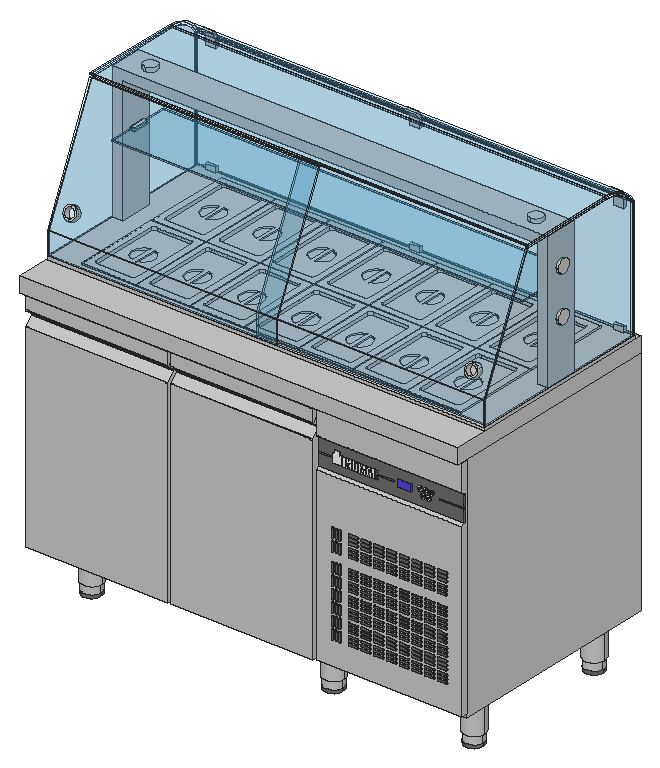
Revit family "QF_INOMAK_ZQFP99_250529104924", category Specialty Equipment, Revit 2021 (continued)
Definition of nested family "QF_INOMAK_REF_WORKTOPS_WTVF_1360_7072"
  Forms (mm)
    Extrusion 41, solid
      sketch origin (-9, 1874.578, 46) x (0, 1, 0) y (-1, 0, 0)
        loop
          line (-2430.578, -295) -> (-2430.578, -401)
          arc (-2430.578, -401) -> (-2427.649, -408.071) -> (-2420.578, -411) r 10
          line (-2420.578, -411) -> (-2212.578, -411)
          arc (-2212.578, -411) -> (-2205.507, -408.071) -> (-2202.578, -401) r 10
          line (-2202.578, -401) -> (-2202.578, -295)
      from 0 to 13
    Extrusion 42, solid
      sketch origin (0, 1874.578, 46) x (0, 1, 0) y (-1, 0, 0)
        loop
          arc (-2420.578, -774) -> (-2427.649, -776.929) -> (-2430.578, -784) r 10
          line (-2430.578, -784) -> (-2430.578, -890)
          arc (-2430.578, -890) -> (-2427.649, -897.071) -> (-2420.578, -900) r 10
          line (-2420.578, -900) -> (-2212.578, -900)
          arc (-2212.578, -900) -> (-2205.507, -897.071) -> (-2202.578, -890) r 10
          line (-2202.578, -890) -> (-2202.578, -784)
          arc (-2202.578, -784) -> (-2205.507, -776.929) -> (-2212.578, -774) r 10
          line (-2212.578, -774) -> (-2420.578, -774)
        loop
          arc (-2282.937, -832) -> (-2317.578, -802) -> (-2352.219, -832) r 35
          line (-2352.219, -832) -> (-2282.937, -832)
        loop
          line (-2282.937, -842) -> (-2352.219, -842)
          arc (-2352.219, -842) -> (-2317.578, -872) -> (-2282.937, -842) r 35
      from 2 to 5
    Extrusion 43, solid
      sketch origin (0, 1874.578, 46) x (0, 1, 0) y (-1, 0, 0)
        loop
          line (-2182.578, -754) -> (-2450.578, -754) -> (-2450.578, -920) -> (-2182.578, -920) -> (-2182.578, -754)
        loop
          arc (-2202.578, -784) -> (-2205.507, -776.929) -> (-2212.578, -774) r 10
          line (-2212.578, -774) -> (-2420.578, -774)
          arc (-2420.578, -774) -> (-2427.649, -776.929) -> (-2430.578, -784) r 10
          line (-2430.578, -784) -> (-2430.578, -890)
          arc (-2430.578, -890) -> (-2427.649, -897.071) -> (-2420.578, -900) r 10
          line (-2420.578, -900) -> (-2212.578, -900)
          arc (-2212.578, -900) -> (-2205.507, -897.071) -> (-2202.578, -890) r 10
          line (-2202.578, -890) -> (-2202.578, -784)
      from 0 to 13
    Extrusion 44, solid
      sketch origin (0, 1874.578, 46) x (0, 1, 0) y (-1, 0, 0)
        loop
          arc (-2420.578, -940) -> (-2427.649, -942.929) -> (-2430.578, -950) r 10
          line (-2430.578, -950) -> (-2430.578, -1056)
          arc (-2430.578, -1056) -> (-2427.649, -1063.071) -> (-2420.578, -1066) r 10
          line (-2420.578, -1066) -> (-2212.578, -1066)
          arc (-2212.578, -1066) -> (-2205.507, -1063.071) -> (-2202.578, -1056) r 10
          line (-2202.578, -1056) -> (-2202.578, -950)
          arc (-2202.578, -950) -> (-2205.507, -942.929) -> (-2212.578, -940) r 10
          line (-2212.578, -940) -> (-2420.578, -940)
        loop
          arc (-2282.937, -998) -> (-2317.578, -968) -> (-2352.219, -998) r 35
          line (-2352.219, -998) -> (-2282.937, -998)
        loop
          line (-2282.937, -1008) -> (-2352.219, -1008)
          arc (-2352.219, -1008) -> (-2317.578, -1038) -> (-2282.937, -1008) r 35
      from 2 to 5
    Extrusion 45, solid
      sketch origin (0, 1874.578, 46) x (0, 1, 0) y (-1, 0, 0)
        loop
          line (-2182.578, -920) -> (-2450.578, -920) -> (-2450.578, -1086) -> (-2182.578, -1086) -> (-2182.578, -920)
        loop
          arc (-2202.578, -950) -> (-2205.507, -942.929) -> (-2212.578, -940) r 10
          line (-2212.578, -940) -> (-2420.578, -940)
          arc (-2420.578, -940) -> (-2427.649, -942.929) -> (-2430.578, -950) r 10
          line (-2430.578, -950) -> (-2430.578, -1056)
          arc (-2430.578, -1056) -> (-2427.649, -1063.071) -> (-2420.578, -1066) r 10
          line (-2420.578, -1066) -> (-2212.578, -1066)
          arc (-2212.578, -1066) -> (-2205.507, -1063.071) -> (-2202.578, -1056) r 10
          line (-2202.578, -1056) -> (-2202.578, -950)
      from 0 to 13
    Extrusion 46, solid
      sketch origin (0, 1874.578, 46) x (0, 1, 0) y (-1, 0, 0)
        loop
          arc (-2420.578, -1106) -> (-2427.649, -1108.929) -> (-2430.578, -1116) r 10
          line (-2430.578, -1116) -> (-2430.578, -1222)
          arc (-2430.578, -1222) -> (-2427.649, -1229.071) -> (-2420.578, -1232) r 10
          line (-2420.578, -1232) -> (-2212.578, -1232)
          arc (-2212.578, -1232) -> (-2205.507, -1229.071) -> (-2202.578, -1222) r 10
          line (-2202.578, -1222) -> (-2202.578, -1116)
          arc (-2202.578, -1116) -> (-2205.507, -1108.929) -> (-2212.578, -1106) r 10
          line (-2212.578, -1106) -> (-2420.578, -1106)
        loop
          arc (-2282.937, -1164) -> (-2317.578, -1134) -> (-2352.219, -1164) r 35
          line (-2352.219, -1164) -> (-2282.937, -1164)
        loop
          line (-2282.937, -1174) -> (-2352.219, -1174)
          arc (-2352.219, -1174) -> (-2317.578, -1204) -> (-2282.937, -1174) r 35
      from 2 to 5
    Extrusion 47, solid
      sketch origin (0, 1874.578, 46) x (0, 1, 0) y (-1, 0, 0)
        loop
          line (-2182.578, -1086) -> (-2450.578, -1086) -> (-2450.578, -1252) -> (-2182.578, -1252) -> (-2182.578, -1086)
        loop
          arc (-2202.578, -1116) -> (-2205.507, -1108.929) -> (-2212.578, -1106) r 10
          line (-2212.578, -1106) -> (-2420.578, -1106)
          arc (-2420.578, -1106) -> (-2427.649, -1108.929) -> (-2430.578, -1116) r 10
          line (-2430.578, -1116) -> (-2430.578, -1222)
          arc (-2430.578, -1222) -> (-2427.649, -1229.071) -> (-2420.578, -1232) r 10
          line (-2420.578, -1232) -> (-2212.578, -1232)
          arc (-2212.578, -1232) -> (-2205.507, -1229.071) -> (-2202.578, -1222) r 10
          line (-2202.578, -1222) -> (-2202.578, -1116)
      from 0 to 13
    Extrusion 48, solid
      sketch origin (1282, 0, -853) x (0, -1, 0) y (0, 0, -1)
        loop
          arc (18, -1280.525) -> (25.81, -1291.509) -> (34.712, -1301.629) r 130.514
          line (34.712, -1301.629) -> (41.076, -1295.265)
          arc (41.076, -1295.265) -> (33.636, -1286.884) -> (27, -1277.854) r 121.514
          line (27, -1277.854) -> (27, -1249.94) -> (18, -1249.94) -> (18, -1280.525)
      from 0 to 30
    Extrusion 49, solid
      sketch origin (552, 0, -853) x (0, -1, 0) y (0, 0, -1)
        loop
          line (18, -899) -> (18, -924) -> (27, -924) -> (27, -899) -> (18, -899)
      from 730 to 760
    Extrusion 50, solid
      sketch origin (-9, 1874.578, 46) x (0, 1, 0) y (-1, 0, 0)
        loop
          arc (-2152.578, -451) -> (-2159.649, -453.929) -> (-2162.578, -461) r 10
          line (-2162.578, -461) -> (-2162.578, -567)
          arc (-2162.578, -567) -> (-2159.649, -574.071) -> (-2152.578, -577) r 10
          line (-2152.578, -577) -> (-1944.578, -577)
          arc (-1944.578, -577) -> (-1937.507, -574.071) -> (-1934.578, -567) r 10
          line (-1934.578, -567) -> (-1934.578, -461)
          arc (-1934.578, -461) -> (-1937.507, -453.929) -> (-1944.578, -451) r 10
          line (-1944.578, -451) -> (-2152.578, -451)
        loop
          arc (-2014.937, -509) -> (-2049.578, -479) -> (-2084.219, -509) r 35
          line (-2084.219, -509) -> (-2014.937, -509)
        loop
          line (-2014.937, -519) -> (-2084.219, -519)
          arc (-2084.219, -519) -> (-2049.578, -549) -> (-2014.937, -519) r 35
      from 2 to 5
    Extrusion 51, solid
      sketch origin (-9, 1874.578, 46) x (0, 1, 0) y (-1, 0, 0)
        loop
          line (-1914.578, -431) -> (-2182.578, -431) -> (-2182.578, -597) -> (-1914.578, -597) -> (-1914.578, -431)
        loop
          arc (-1934.578, -461) -> (-1937.507, -453.929) -> (-1944.578, -451) r 10
          line (-1944.578, -451) -> (-2152.578, -451)
          arc (-2152.578, -451) -> (-2159.649, -453.929) -> (-2162.578, -461) r 10
          line (-2162.578, -461) -> (-2162.578, -567)
          arc (-2162.578, -567) -> (-2159.649, -574.071) -> (-2152.578, -577) r 10
          line (-2152.578, -577) -> (-1944.578, -577)
          arc (-1944.578, -577) -> (-1937.507, -574.071) -> (-1934.578, -567) r 10
          line (-1934.578, -567) -> (-1934.578, -461)
      from 0 to 13
    Extrusion 52, solid
      sketch origin (0, 1874.578, 46) x (0, 1, 0) y (-1, 0, 0)
        loop
          arc (-2152.578, -608) -> (-2159.649, -610.929) -> (-2162.578, -618) r 10
          line (-2162.578, -618) -> (-2162.578, -724)
          arc (-2162.578, -724) -> (-2159.649, -731.071) -> (-2152.578, -734) r 10
          line (-2152.578, -734) -> (-1944.578, -734)
          arc (-1944.578, -734) -> (-1937.507, -731.071) -> (-1934.578, -724) r 10
          line (-1934.578, -724) -> (-1934.578, -618)
          arc (-1934.578, -618) -> (-1937.507, -610.929) -> (-1944.578, -608) r 10
          line (-1944.578, -608) -> (-2152.578, -608)
        loop
          arc (-2014.937, -666) -> (-2049.578, -636) -> (-2084.219, -666) r 35
          line (-2084.219, -666) -> (-2014.937, -666)
        loop
          line (-2014.937, -676) -> (-2084.219, -676)
          arc (-2084.219, -676) -> (-2049.578, -706) -> (-2014.937, -676) r 35
      from 2 to 5
    Extrusion 53, solid
      sketch origin (0, 1874.578, 46) x (0, 1, 0) y (-1, 0, 0)
        loop
          line (-1914.578, -588) -> (-2182.578, -588) -> (-2182.578, -754) -> (-1914.578, -754) -> (-1914.578, -588)
        loop
          arc (-1934.578, -618) -> (-1937.507, -610.929) -> (-1944.578, -608) r 10
          line (-1944.578, -608) -> (-2152.578, -608)
          arc (-2152.578, -608) -> (-2159.649, -610.929) -> (-2162.578, -618) r 10
          line (-2162.578, -618) -> (-2162.578, -724)
          arc (-2162.578, -724) -> (-2159.649, -731.071) -> (-2152.578, -734) r 10
          line (-2152.578, -734) -> (-1944.578, -734)
          arc (-1944.578, -734) -> (-1937.507, -731.071) -> (-1934.578, -724) r 10
          line (-1934.578, -724) -> (-1934.578, -618)
      from 0 to 13
    Extrusion 54, solid
      sketch origin (-9, 1874.578, 46) x (0, 1, 0) y (-1, 0, 0)
        loop
          arc (-2420.578, -451) -> (-2427.649, -453.929) -> (-2430.578, -461) r 10
          line (-2430.578, -461) -> (-2430.578, -567)
          arc (-2430.578, -567) -> (-2427.649, -574.071) -> (-2420.578, -577) r 10
          line (-2420.578, -577) -> (-2212.578, -577)
          arc (-2212.578, -577) -> (-2205.507, -574.071) -> (-2202.578, -567) r 10
          line (-2202.578, -567) -> (-2202.578, -461)
          arc (-2202.578, -461) -> (-2205.507, -453.929) -> (-2212.578, -451) r 10
          line (-2212.578, -451) -> (-2420.578, -451)
        loop
          arc (-2282.937, -509) -> (-2317.578, -479) -> (-2352.219, -509) r 35
          line (-2352.219, -509) -> (-2282.937, -509)
        loop
          line (-2282.937, -519) -> (-2352.219, -519)
          arc (-2352.219, -519) -> (-2317.578, -549) -> (-2282.937, -519) r 35
      from 2 to 5
    Extrusion 55, solid
      sketch origin (-9, 1874.578, 46) x (0, 1, 0) y (-1, 0, 0)
        loop
          line (-2182.578, -431) -> (-2450.578, -431) -> (-2450.578, -597) -> (-2182.578, -597) -> (-2182.578, -431)
        loop
          arc (-2202.578, -461) -> (-2205.507, -453.929) -> (-2212.578, -451) r 10
          line (-2212.578, -451) -> (-2420.578, -451)
          arc (-2420.578, -451) -> (-2427.649, -453.929) -> (-2430.578, -461) r 10
          line (-2430.578, -461) -> (-2430.578, -567)
          arc (-2430.578, -567) -> (-2427.649, -574.071) -> (-2420.578, -577) r 10
          line (-2420.578, -577) -> (-2212.578, -577)
          arc (-2212.578, -577) -> (-2205.507, -574.071) -> (-2202.578, -567) r 10
          line (-2202.578, -567) -> (-2202.578, -461)
      from 0 to 13
    Extrusion 56, solid
      sketch origin (0, 1874.578, 46) x (0, 1, 0) y (-1, 0, 0)
        loop
          arc (-2420.578, -608) -> (-2427.649, -610.929) -> (-2430.578, -618) r 10
          line (-2430.578, -618) -> (-2430.578, -724)
          arc (-2430.578, -724) -> (-2427.649, -731.071) -> (-2420.578, -734) r 10
          line (-2420.578, -734) -> (-2212.578, -734)
          arc (-2212.578, -734) -> (-2205.507, -731.071) -> (-2202.578, -724) r 10
          line (-2202.578, -724) -> (-2202.578, -618)
          arc (-2202.578, -618) -> (-2205.507, -610.929) -> (-2212.578, -608) r 10
          line (-2212.578, -608) -> (-2420.578, -608)
        loop
          arc (-2282.937, -666) -> (-2317.578, -636) -> (-2352.219, -666) r 35
          line (-2352.219, -666) -> (-2282.937, -666)
        loop
          line (-2282.937, -676) -> (-2352.219, -676)
          arc (-2352.219, -676) -> (-2317.578, -706) -> (-2282.937, -676) r 35
      from 2 to 5
    Extrusion 57, solid
      sketch origin (0, 1874.578, 46) x (0, 1, 0) y (-1, 0, 0)
        loop
          line (-2182.578, -588) -> (-2450.578, -588) -> (-2450.578, -754) -> (-2182.578, -754) -> (-2182.578, -588)
        loop
          arc (-2202.578, -618) -> (-2205.507, -610.929) -> (-2212.578, -608) r 10
          line (-2212.578, -608) -> (-2420.578, -608)
          arc (-2420.578, -608) -> (-2427.649, -610.929) -> (-2430.578, -618) r 10
          line (-2430.578, -618) -> (-2430.578, -724)
          arc (-2430.578, -724) -> (-2427.649, -731.071) -> (-2420.578, -734) r 10
          line (-2420.578, -734) -> (-2212.578, -734)
          arc (-2212.578, -734) -> (-2205.507, -731.071) -> (-2202.578, -724) r 10
          line (-2202.578, -724) -> (-2202.578, -618)
      from 0 to 13
  Cuts and joins
    Extrusion 9 cuts Extrusion 7
    Extrusion 12 cuts Extrusion 8
  Lines and regions (mm)
    Masking region 1
      outline origin (0, 0, 46) x (0, 1, 0) y (-1, 0, 0)
        loop
          line (0, 0) -> (-700, 0) -> (-700, -1342) -> (0, -1342) -> (0, 0)
    symbolic lines
      curve 1: line (0, -432.8, 0) -> (1342, -432.8, 0)
      curve 2: line (671, -432.8, 0) -> (671, -596, 0)
      curve 3: spline (72.799, -575.177, 0) -> (72.117, -572.989, 0) -> (70.119, -570.951, 0) -> (66.941, -569.2, 0) -> (62.799, -567.857, 0) -> (57.975, -567.013, 0) -> (52.799, -566.725, 0) -> (47.623, -567.013, 0) -> (42.799, -567.857, 0) -> (38.657, -569.2, 0) -> (35.478, -570.951, 0) -> (33.48, -572.989, 0) -> (32.799, -575.177, 0) -> (33.48, -577.365, 0) -> (35.478, -579.403, 0) -> (38.657, -581.154, 0) -> (42.799, -582.497, 0) -> (47.623, -583.341, 0) -> (52.799, -583.629, 0) -> (57.975, -583.341, 0) -> (62.799, -582.497, 0) -> (66.941, -581.154, 0) -> (70.119, -579.403, 0) -> (72.117, -577.365, 0) -> (72.799, -575.177, 0)
      curve 4: spline (1300.201, -570.645, 0) -> (1299.52, -568.458, 0) -> (1297.522, -566.419, 0) -> (1294.343, -564.669, 0) -> (1290.201, -563.325, 0) -> (1285.377, -562.481, 0) -> (1280.201, -562.193, 0) -> (1275.025, -562.481, 0) -> (1270.201, -563.325, 0) -> (1266.059, -564.669, 0) -> (1262.881, -566.419, 0) -> (1260.883, -568.458, 0) -> (1260.201, -570.645, 0) -> (1260.883, -572.833, 0) -> (1262.881, -574.872, 0) -> (1266.059, -576.622, 0) -> (1270.201, -577.965, 0) -> (1275.025, -578.81, 0) -> (1280.201, -579.098, 0) -> (1285.377, -578.81, 0) -> (1290.201, -577.965, 0) -> (1294.343, -576.622, 0) -> (1297.522, -574.872, 0) -> (1299.52, -572.833, 0) -> (1300.201, -570.645, 0)
      curve 5: line (0, 0, 46) -> (1342, 0, 46)
      curve 6: line (0, -700, 46) -> (0, 0, 46)
      curve 7: line (1342, -700, 46) -> (0, -700, 46)
      curve 8: line (1342, 0, 46) -> (1342, -700, 46)
      curve 9: line (0, -20, 46) -> (1342, -20, 46)
      curve 10: line (0, -596, 46) -> (1342, -596, 46)
  Dimensions and locks
    plane 3 "Left" to plane 4 "Right" = 1342 mm
    "Depth Actual": plane 5 "Front" to plane 1 "Back"
    "Worktop thickness": plane 6 "Top" to plane 7 "Worktop bottom"
    "Height AFF": plane 7 "Worktop bottom" to plane 2
    locked: plane 1 "Back" to plane 8 at 596
    aligned and locked: level to plane 2
    aligned and locked: Extrusion 1 sketch curve to plane 6 "Top"
    aligned and locked: plane 5 "Front" to Extrusion 1 sketch curve
    aligned and locked: Extrusion 1 sketch curve to plane 7 "Worktop bottom"
  Automatic sketch dimensions
    plane 1 "Back" to Extrusion 3 sketch curve = 128.129 mm
    plane 1 "Back" to Extrusion 3 sketch curve = 30 mm
    plane 6 "Top" to Extrusion 3 sketch curve = 10 mm
    Extrusion 3 sketch curve to Extrusion 3 sketch curve = 70 mm
    Extrusion 3 sketch curve to Extrusion 3 sketch curve = 301.486 mm
    Extrusion 3 sketch curve to Extrusion 3 sketch curve = 66.454 mm
    plane 1 "Back" to Extrusion 6 sketch curve = 30 mm
    Extrusion 6 sketch curve to Extrusion 6 sketch curve = 98.129 mm
    plane 6 "Top" to Extrusion 6 sketch curve = 10 mm
    Extrusion 6 sketch curve to Extrusion 6 sketch curve = 70 mm
    Extrusion 6 sketch curve to Extrusion 6 sketch curve = 301.486 mm
    Extrusion 6 sketch curve to Extrusion 6 sketch curve = 66.454 mm
    Extrusion 7 sketch curve to Extrusion 7 sketch curve = 5.517 mm
    Extrusion 7 sketch curve to Extrusion 7 sketch curve = 5 mm
    Extrusion 7 sketch curve to Extrusion 7 sketch curve = 351.108 mm
    Extrusion 8 sketch curve to Extrusion 8 sketch curve = 5.517 mm
    Extrusion 8 sketch curve to Extrusion 8 sketch curve = 5 mm
    plane 6 "Top" to Extrusion 8 sketch curve = 430 mm
    Extrusion 9 sketch curve to Extrusion 7 = 59.994 mm
    Extrusion 9 sketch curve to Extrusion 7 = 47.799 mm
    Extrusion 10 sketch curve to Extrusion 10 sketch curve = 0 mm  (x2)
    Extrusion 7 to Extrusion 10 sketch curve = 59.994 mm
    Extrusion 7 to Extrusion 10 sketch curve = 47.799 mm
    Extrusion 11 sketch curve to Extrusion 11 sketch curve = 0 mm  (x2)
    Extrusion 11 sketch curve to Extrusion 8 = 58.886 mm
    Extrusion 8 to Extrusion 11 sketch curve = 56.799 mm
    Extrusion 8 to Extrusion 12 sketch curve = 58.886 mm
    Extrusion 12 sketch curve to Extrusion 8 = 56.799 mm
    Extrusion 13 sketch curve to Extrusion 13 sketch curve = 0 mm  (x2)
    plane 1 "Back" to Extrusion 13 sketch curve = 18 mm
    Extrusion 13 sketch curve to Extrusion 13 sketch curve = 9 mm
    Extrusion 13 sketch curve to Extrusion 13 sketch curve = 7.712 mm
    Extrusion 13 sketch curve to Extrusion 13 sketch curve = 6.364 mm
    Extrusion 13 sketch curve to Extrusion 13 sketch curve = 101.129 mm
    plane 6 "Top" to Extrusion 13 sketch curve = 311.486 mm
    Extrusion 13 sketch curve to Extrusion 13 sketch curve = 39.454 mm
    Extrusion 13 sketch curve to Extrusion 13 sketch curve = 27.914 mm
    Extrusion 13 sketch curve to Extrusion 13 sketch curve = 2.67 mm
    Extrusion 14 sketch curve to Extrusion 14 sketch curve = 0 mm  (x2)
    plane 1 "Back" to Extrusion 14 sketch curve = 18 mm
    Extrusion 14 sketch curve to Extrusion 14 sketch curve = 9 mm
    Extrusion 14 sketch curve to Extrusion 14 sketch curve = 7.712 mm
    Extrusion 14 sketch curve to Extrusion 14 sketch curve = 6.364 mm
    Extrusion 14 sketch curve to Extrusion 14 sketch curve = 101.129 mm
    plane 6 "Top" to Extrusion 14 sketch curve = 311.486 mm
    Extrusion 14 sketch curve to Extrusion 14 sketch curve = 39.454 mm
    Extrusion 14 sketch curve to Extrusion 14 sketch curve = 27.914 mm
    Extrusion 14 sketch curve to Extrusion 14 sketch curve = 2.67 mm
    plane 1 "Back" to Extrusion 15 sketch curve = 18 mm
    Extrusion 15 sketch curve to Extrusion 15 sketch curve = 9 mm
    Extrusion 15 sketch curve to plane 6 "Top" = 0 mm
    Extrusion 15 sketch curve to Extrusion 15 sketch curve = 25 mm
    plane 1 "Back" to Extrusion 16 sketch curve = 18 mm
    Extrusion 16 sketch curve to Extrusion 16 sketch curve = 9 mm
    Extrusion 16 sketch curve to plane 6 "Top" = 0 mm
    Extrusion 16 sketch curve to Extrusion 16 sketch curve = 25 mm
    plane 4 "Right" to Extrusion 17 sketch curve = 5 mm
    Extrusion 17 sketch curve to Extrusion 17 sketch curve = 30 mm  (x2)
    plane 3 "Left" to Extrusion 17 sketch curve = 35 mm
    plane 3 "Left" to Extrusion 17 sketch curve = 5 mm
    plane 6 "Top" to Extrusion 17 sketch curve = 10 mm  (x2)
    Extrusion 17 sketch curve to Extrusion 17 sketch curve = 385 mm
    plane 1 "Back" to Extrusion 18 sketch curve = 300 mm
    plane 6 "Top" to Extrusion 18 sketch curve = 325 mm
    plane 1 "Back" to Extrusion 19 sketch curve = 300 mm
    plane 6 "Top" to Extrusion 19 sketch curve = 185 mm
    plane 1 "Back" to Extrusion 20 sketch curve = 300 mm
    plane 6 "Top" to Extrusion 20 sketch curve = 325 mm
    plane 1 "Back" to Extrusion 21 sketch curve = 300 mm
    plane 6 "Top" to Extrusion 21 sketch curve = 185 mm
    plane 1 "Back" to Extrusion 24 sketch curve = 200 mm
    Extrusion 24 sketch curve to Extrusion 24 sketch curve = 200 mm
    plane 6 "Top" to Extrusion 24 sketch curve = 252.5 mm
    Extrusion 24 sketch curve to Extrusion 24 sketch curve = 5 mm
    plane 3 "Left" to Extrusion 25 sketch curve = 50 mm
    Extrusion 25 sketch curve to Extrusion 25 sketch curve = 0 mm
    Extrusion 25 sketch curve to Extrusion 25 sketch curve = 13 mm
    Extrusion 25 sketch curve to Extrusion 25 sketch curve = 2 mm  (x3)
    plane 6 "Top" to Extrusion 25 sketch curve = 250.5 mm
    Extrusion 25 sketch curve to Extrusion 25 sketch curve = 5 mm
    plane 4 "Right" to Extrusion 26 sketch curve = 50 mm
    Extrusion 26 sketch curve to Extrusion 26 sketch curve = 0 mm
    Extrusion 26 sketch curve to Extrusion 26 sketch curve = 13 mm
    Extrusion 26 sketch curve to Extrusion 26 sketch curve = 2 mm  (x3)
    plane 6 "Top" to Extrusion 26 sketch curve = 259.5 mm
    Extrusion 26 sketch curve to Extrusion 26 sketch curve = 5 mm
    Extrusion 48 sketch curve to Extrusion 48 sketch curve = 0 mm  (x2)
    plane 1 "Back" to Extrusion 48 sketch curve = 18 mm
    Extrusion 48 sketch curve to Extrusion 48 sketch curve = 9 mm
    Extrusion 48 sketch curve to Extrusion 48 sketch curve = 7.712 mm
    Extrusion 48 sketch curve to Extrusion 48 sketch curve = 6.364 mm  (x2)
    Extrusion 48 sketch curve to Extrusion 48 sketch curve = 101.129 mm
    plane 6 "Top" to Extrusion 48 sketch curve = 402.629 mm
    Extrusion 48 sketch curve to Extrusion 48 sketch curve = 21.104 mm
    Extrusion 48 sketch curve to Extrusion 48 sketch curve = 27.914 mm
    plane 1 "Back" to Extrusion 49 sketch curve = 18 mm
    Extrusion 49 sketch curve to Extrusion 49 sketch curve = 9 mm
    plane 6 "Top" to Extrusion 49 sketch curve = 25 mm
    Extrusion 49 sketch curve to Extrusion 49 sketch curve = 25 mm
    Extrusion 5 sketch curve to Extrusion 5 sketch curve = 20 mm
    plane 1 "Back" to Extrusion 5 sketch curve = 40 mm
    plane 1 "Back" to Extrusion 5 sketch curve = 20 mm
    plane 3 "Left" to Extrusion 5 sketch curve = 90 mm
    Extrusion 27 sketch curve to Extrusion 27 sketch curve = 0 mm  (x3)
    plane 1 "Back" to Extrusion 27 sketch curve = 288 mm
    Extrusion 27 sketch curve to Extrusion 27 sketch curve = 10 mm  (x4)
    Extrusion 27 sketch curve to Extrusion 27 sketch curve = 68.359 mm
    Extrusion 27 sketch curve to Extrusion 27 sketch curve = 34.641 mm
    plane 1 "Back" to Extrusion 27 sketch curve = 70 mm  (x2)
    plane 3 "Left" to Extrusion 27 sketch curve = 236 mm
    Extrusion 27 sketch curve to Extrusion 27 sketch curve = 48 mm  (x2)
    Extrusion 27 sketch curve to Extrusion 27 sketch curve = 5 mm
    plane 1 "Back" to Extrusion 28 sketch curve = 40 mm
    plane 4 "Right" to Extrusion 28 sketch curve = 90 mm
    plane 1 "Back" to Extrusion 29 sketch curve = 308 mm
    Extrusion 29 sketch curve to Extrusion 29 sketch curve = 20 mm  (x3)
    Extrusion 29 sketch curve to Extrusion 29 sketch curve = 10 mm  (x3)
    plane 1 "Back" to Extrusion 29 sketch curve = 70 mm  (x2)
    plane 3 "Left" to Extrusion 29 sketch curve = 256 mm
    Extrusion 29 sketch curve to Extrusion 29 sketch curve = 106 mm
    Extrusion 29 sketch curve to Extrusion 29 sketch curve = 30 mm
    Extrusion 30 sketch curve to Extrusion 30 sketch curve = 0 mm  (x3)
    plane 1 "Back" to Extrusion 30 sketch curve = 288 mm
    Extrusion 30 sketch curve to Extrusion 30 sketch curve = 10 mm  (x4)
    Extrusion 30 sketch curve to Extrusion 30 sketch curve = 68.359 mm
    Extrusion 30 sketch curve to Extrusion 30 sketch curve = 34.641 mm
    plane 1 "Back" to Extrusion 30 sketch curve = 70 mm  (x2)
    plane 3 "Left" to Extrusion 30 sketch curve = 402 mm
    Extrusion 30 sketch curve to Extrusion 30 sketch curve = 48 mm  (x2)
    Extrusion 30 sketch curve to Extrusion 30 sketch curve = 5 mm
    plane 1 "Back" to Extrusion 31 sketch curve = 308 mm
    Extrusion 31 sketch curve to Extrusion 31 sketch curve = 20 mm  (x4)
    Extrusion 31 sketch curve to Extrusion 31 sketch curve = 10 mm  (x3)
    plane 1 "Back" to Extrusion 31 sketch curve = 70 mm  (x2)
    plane 3 "Left" to Extrusion 31 sketch curve = 422 mm
    Extrusion 31 sketch curve to Extrusion 31 sketch curve = 106 mm
    Extrusion 32 sketch curve to Extrusion 32 sketch curve = 0 mm  (x3)
    plane 1 "Back" to Extrusion 32 sketch curve = 288 mm
    Extrusion 32 sketch curve to Extrusion 32 sketch curve = 10 mm  (x4)
    Extrusion 32 sketch curve to Extrusion 32 sketch curve = 68.359 mm
    Extrusion 32 sketch curve to Extrusion 32 sketch curve = 34.641 mm
    plane 1 "Back" to Extrusion 32 sketch curve = 70 mm  (x2)
    plane 4 "Right" to Extrusion 32 sketch curve = 442 mm
    Extrusion 32 sketch curve to Extrusion 32 sketch curve = 48 mm  (x2)
    Extrusion 32 sketch curve to Extrusion 32 sketch curve = 5 mm
    plane 1 "Back" to Extrusion 33 sketch curve = 308 mm
    Extrusion 33 sketch curve to Extrusion 33 sketch curve = 20 mm  (x4)
    Extrusion 33 sketch curve to Extrusion 33 sketch curve = 10 mm  (x3)
    plane 1 "Back" to Extrusion 33 sketch curve = 70 mm  (x2)
    plane 4 "Right" to Extrusion 33 sketch curve = 422 mm
    Extrusion 33 sketch curve to Extrusion 33 sketch curve = 106 mm
    Extrusion 34 sketch curve to Extrusion 34 sketch curve = 0 mm  (x3)
    plane 1 "Back" to Extrusion 34 sketch curve = 288 mm
    Extrusion 34 sketch curve to Extrusion 34 sketch curve = 10 mm  (x4)
    Extrusion 34 sketch curve to Extrusion 34 sketch curve = 68.359 mm
    Extrusion 34 sketch curve to Extrusion 34 sketch curve = 34.641 mm
    plane 1 "Back" to Extrusion 34 sketch curve = 70 mm  (x2)
    plane 4 "Right" to Extrusion 34 sketch curve = 276 mm
    Extrusion 34 sketch curve to Extrusion 34 sketch curve = 48 mm  (x2)
    Extrusion 34 sketch curve to Extrusion 34 sketch curve = 5 mm
    plane 1 "Back" to Extrusion 35 sketch curve = 308 mm
    Extrusion 35 sketch curve to Extrusion 35 sketch curve = 20 mm  (x3)
    Extrusion 35 sketch curve to Extrusion 35 sketch curve = 10 mm  (x3)
    plane 1 "Back" to Extrusion 35 sketch curve = 70 mm  (x2)
    Extrusion 35 sketch curve to Extrusion 35 sketch curve = 30 mm
    plane 4 "Right" to Extrusion 35 sketch curve = 256 mm
    Extrusion 35 sketch curve to Extrusion 35 sketch curve = 106 mm
    Extrusion 36 sketch curve to Extrusion 36 sketch curve = 0 mm  (x3)
    plane 1 "Back" to Extrusion 36 sketch curve = 288 mm
    Extrusion 36 sketch curve to Extrusion 36 sketch curve = 10 mm  (x4)
    Extrusion 36 sketch curve to Extrusion 36 sketch curve = 68.359 mm
    Extrusion 36 sketch curve to Extrusion 36 sketch curve = 34.641 mm
    plane 1 "Back" to Extrusion 36 sketch curve = 70 mm  (x2)
    plane 4 "Right" to Extrusion 36 sketch curve = 110 mm
    Extrusion 36 sketch curve to Extrusion 36 sketch curve = 48 mm  (x2)
    Extrusion 36 sketch curve to Extrusion 36 sketch curve = 5 mm
    plane 4 "Right" to Extrusion 37 sketch curve = 90 mm
    plane 1 "Back" to Extrusion 37 sketch curve = 308 mm
    Extrusion 37 sketch curve to Extrusion 37 sketch curve = 20 mm  (x3)
    Extrusion 37 sketch curve to Extrusion 37 sketch curve = 10 mm  (x3)
    plane 1 "Back" to Extrusion 37 sketch curve = 70 mm  (x2)
    Extrusion 37 sketch curve to Extrusion 37 sketch curve = 106 mm
    Extrusion 37 sketch curve to Extrusion 37 sketch curve = 30 mm
    Extrusion 38 sketch curve to Extrusion 38 sketch curve = 0 mm  (x4)
    Extrusion 38 sketch curve to Extrusion 38 sketch curve = 10 mm  (x4)
    Extrusion 38 sketch curve to Extrusion 38 sketch curve = 68.359 mm
    Extrusion 38 sketch curve to Extrusion 38 sketch curve = 34.641 mm
    Extrusion 38 sketch curve to Extrusion 38 sketch curve = 70.359 mm  (x2)
    plane 3 "Left" to Extrusion 38 sketch curve = 236 mm
    Extrusion 38 sketch curve to Extrusion 38 sketch curve = 48 mm  (x2)
    Extrusion 39 sketch curve to Extrusion 39 sketch curve = 20 mm  (x2)
    Extrusion 39 sketch curve to Extrusion 39 sketch curve = 10 mm  (x3)
    Extrusion 39 sketch curve to Extrusion 39 sketch curve = 208 mm
    Extrusion 39 sketch curve to Extrusion 39 sketch curve = 0 mm
    Extrusion 39 sketch curve to Extrusion 39 sketch curve = 30 mm  (x2)
    plane 3 "Left" to Extrusion 39 sketch curve = 256 mm
    Extrusion 39 sketch curve to Extrusion 39 sketch curve = 106 mm
    Extrusion 40 sketch curve to Extrusion 40 sketch curve = 0 mm  (x5)
    Extrusion 40 sketch curve to Extrusion 40 sketch curve = 10 mm  (x4)
    Extrusion 40 sketch curve to Extrusion 40 sketch curve = 68.359 mm
    Extrusion 40 sketch curve to Extrusion 40 sketch curve = 34.641 mm
    Extrusion 40 sketch curve to Extrusion 40 sketch curve = 70.359 mm  (x2)
    plane 3 "Left" to Extrusion 40 sketch curve = 402 mm
    Extrusion 40 sketch curve to Extrusion 40 sketch curve = 5 mm
    Extrusion 40 sketch curve to Extrusion 40 sketch curve = 48 mm  (x2)
    Extrusion 41 sketch curve to Extrusion 41 sketch curve = 20 mm  (x3)
    Extrusion 41 sketch curve to Extrusion 41 sketch curve = 10 mm  (x3)
    Extrusion 41 sketch curve to Extrusion 41 sketch curve = 208 mm
    Extrusion 41 sketch curve to Extrusion 41 sketch curve = 0 mm
    plane 3 "Left" to Extrusion 41 sketch curve = 422 mm
    Extrusion 41 sketch curve to Extrusion 41 sketch curve = 106 mm
    Extrusion 42 sketch curve to Extrusion 42 sketch curve = 0 mm  (x5)
    Extrusion 42 sketch curve to Extrusion 42 sketch curve = 10 mm  (x4)
    Extrusion 42 sketch curve to Extrusion 42 sketch curve = 68.359 mm
    Extrusion 42 sketch curve to Extrusion 42 sketch curve = 34.641 mm
    Extrusion 42 sketch curve to Extrusion 42 sketch curve = 70.359 mm  (x2)
    plane 4 "Right" to Extrusion 42 sketch curve = 442 mm
    Extrusion 42 sketch curve to Extrusion 42 sketch curve = 5 mm
    Extrusion 42 sketch curve to Extrusion 42 sketch curve = 48 mm  (x2)
    Extrusion 43 sketch curve to Extrusion 43 sketch curve = 20 mm  (x3)
    Extrusion 43 sketch curve to Extrusion 43 sketch curve = 10 mm  (x3)
    Extrusion 43 sketch curve to Extrusion 43 sketch curve = 208 mm
    Extrusion 43 sketch curve to Extrusion 43 sketch curve = 0 mm
    plane 4 "Right" to Extrusion 43 sketch curve = 422 mm
    Extrusion 43 sketch curve to Extrusion 43 sketch curve = 106 mm
    Extrusion 44 sketch curve to Extrusion 44 sketch curve = 0 mm  (x5)
    Extrusion 44 sketch curve to Extrusion 44 sketch curve = 10 mm  (x4)
    Extrusion 44 sketch curve to Extrusion 44 sketch curve = 68.359 mm
    Extrusion 44 sketch curve to Extrusion 44 sketch curve = 34.641 mm
    Extrusion 44 sketch curve to Extrusion 44 sketch curve = 70.359 mm  (x2)
    plane 4 "Right" to Extrusion 44 sketch curve = 276 mm
    Extrusion 44 sketch curve to Extrusion 44 sketch curve = 5 mm
    Extrusion 44 sketch curve to Extrusion 44 sketch curve = 48 mm  (x2)
    Extrusion 45 sketch curve to Extrusion 45 sketch curve = 20 mm  (x2)
    Extrusion 45 sketch curve to Extrusion 45 sketch curve = 10 mm  (x3)
    Extrusion 45 sketch curve to Extrusion 45 sketch curve = 208 mm
    Extrusion 45 sketch curve to Extrusion 45 sketch curve = 0 mm
    Extrusion 45 sketch curve to Extrusion 45 sketch curve = 30 mm  (x2)
    plane 4 "Right" to Extrusion 45 sketch curve = 256 mm
    Extrusion 45 sketch curve to Extrusion 45 sketch curve = 106 mm
    Extrusion 46 sketch curve to Extrusion 46 sketch curve = 0 mm  (x5)
    Extrusion 46 sketch curve to Extrusion 46 sketch curve = 10 mm  (x4)
    Extrusion 46 sketch curve to Extrusion 46 sketch curve = 68.359 mm
    Extrusion 46 sketch curve to Extrusion 46 sketch curve = 34.641 mm
    Extrusion 46 sketch curve to Extrusion 46 sketch curve = 70.359 mm  (x2)
    plane 4 "Right" to Extrusion 46 sketch curve = 110 mm
    Extrusion 46 sketch curve to Extrusion 46 sketch curve = 5 mm
    Extrusion 46 sketch curve to Extrusion 46 sketch curve = 48 mm  (x2)
    Extrusion 47 sketch curve to Extrusion 47 sketch curve = 20 mm  (x4)
    Extrusion 47 sketch curve to Extrusion 47 sketch curve = 10 mm  (x3)
    Extrusion 47 sketch curve to Extrusion 47 sketch curve = 208 mm
    Extrusion 47 sketch curve to Extrusion 47 sketch curve = 0 mm
    plane 4 "Right" to Extrusion 47 sketch curve = 90 mm
    Extrusion 47 sketch curve to Extrusion 47 sketch curve = 106 mm
    Extrusion 50 sketch curve to Extrusion 50 sketch curve = 0 mm  (x3)
    plane 1 "Back" to Extrusion 50 sketch curve = 288 mm
    Extrusion 50 sketch curve to Extrusion 50 sketch curve = 10 mm  (x4)
    Extrusion 50 sketch curve to Extrusion 50 sketch curve = 68.359 mm
    Extrusion 50 sketch curve to Extrusion 50 sketch curve = 34.641 mm
    plane 1 "Back" to Extrusion 50 sketch curve = 70 mm  (x2)
    plane 3 "Left" to Extrusion 50 sketch curve = 568 mm
    Extrusion 50 sketch curve to Extrusion 50 sketch curve = 48 mm  (x2)
    Extrusion 50 sketch curve to Extrusion 50 sketch curve = 5 mm
    plane 1 "Back" to Extrusion 51 sketch curve = 308 mm
    Extrusion 51 sketch curve to Extrusion 51 sketch curve = 20 mm  (x3)
    Extrusion 51 sketch curve to Extrusion 51 sketch curve = 10 mm  (x3)
    plane 1 "Back" to Extrusion 51 sketch curve = 70 mm  (x2)
    plane 3 "Left" to Extrusion 51 sketch curve = 588 mm
    Extrusion 51 sketch curve to Extrusion 51 sketch curve = 106 mm
    Extrusion 51 sketch curve to Extrusion 51 sketch curve = 30 mm
    Extrusion 52 sketch curve to Extrusion 52 sketch curve = 0 mm  (x3)
    plane 1 "Back" to Extrusion 52 sketch curve = 288 mm
    Extrusion 52 sketch curve to Extrusion 52 sketch curve = 10 mm  (x4)
    Extrusion 52 sketch curve to Extrusion 52 sketch curve = 68.359 mm
    Extrusion 52 sketch curve to Extrusion 52 sketch curve = 34.641 mm
    plane 1 "Back" to Extrusion 52 sketch curve = 70 mm  (x2)
    plane 4 "Right" to Extrusion 52 sketch curve = 608 mm
    Extrusion 52 sketch curve to Extrusion 52 sketch curve = 48 mm  (x2)
    Extrusion 52 sketch curve to Extrusion 52 sketch curve = 5 mm
    plane 1 "Back" to Extrusion 53 sketch curve = 308 mm
    Extrusion 53 sketch curve to Extrusion 53 sketch curve = 20 mm  (x3)
    Extrusion 53 sketch curve to Extrusion 53 sketch curve = 10 mm  (x3)
    plane 1 "Back" to Extrusion 53 sketch curve = 70 mm  (x2)
    plane 4 "Right" to Extrusion 53 sketch curve = 588 mm
    Extrusion 53 sketch curve to Extrusion 53 sketch curve = 106 mm
    Extrusion 53 sketch curve to Extrusion 53 sketch curve = 30 mm
    Extrusion 54 sketch curve to Extrusion 54 sketch curve = 0 mm  (x5)
    Extrusion 54 sketch curve to Extrusion 54 sketch curve = 10 mm  (x4)
    Extrusion 54 sketch curve to Extrusion 54 sketch curve = 68.359 mm
    Extrusion 54 sketch curve to Extrusion 54 sketch curve = 34.641 mm
    Extrusion 54 sketch curve to Extrusion 54 sketch curve = 70.359 mm  (x2)
    plane 3 "Left" to Extrusion 54 sketch curve = 568 mm
    Extrusion 54 sketch curve to Extrusion 54 sketch curve = 5 mm
    Extrusion 54 sketch curve to Extrusion 54 sketch curve = 48 mm  (x2)
    Extrusion 55 sketch curve to Extrusion 55 sketch curve = 20 mm  (x2)
    Extrusion 55 sketch curve to Extrusion 55 sketch curve = 10 mm  (x3)
    Extrusion 55 sketch curve to Extrusion 55 sketch curve = 208 mm
    Extrusion 55 sketch curve to Extrusion 55 sketch curve = 0 mm
    Extrusion 55 sketch curve to Extrusion 55 sketch curve = 30 mm  (x2)
    plane 3 "Left" to Extrusion 55 sketch curve = 588 mm
    Extrusion 55 sketch curve to Extrusion 55 sketch curve = 106 mm
    Extrusion 56 sketch curve to Extrusion 56 sketch curve = 0 mm  (x5)
    Extrusion 56 sketch curve to Extrusion 56 sketch curve = 10 mm  (x4)
    Extrusion 56 sketch curve to Extrusion 56 sketch curve = 68.359 mm
    Extrusion 56 sketch curve to Extrusion 56 sketch curve = 34.641 mm
    Extrusion 56 sketch curve to Extrusion 56 sketch curve = 70.359 mm  (x2)
    plane 4 "Right" to Extrusion 56 sketch curve = 608 mm
    Extrusion 56 sketch curve to Extrusion 56 sketch curve = 5 mm
    Extrusion 56 sketch curve to Extrusion 56 sketch curve = 48 mm  (x2)
    Extrusion 57 sketch curve to Extrusion 57 sketch curve = 20 mm  (x3)
    Extrusion 57 sketch curve to Extrusion 57 sketch curve = 10 mm  (x3)
    Extrusion 57 sketch curve to Extrusion 57 sketch curve = 208 mm
    Extrusion 57 sketch curve to Extrusion 57 sketch curve = 0 mm
    plane 4 "Right" to Extrusion 57 sketch curve = 588 mm
    Extrusion 57 sketch curve to Extrusion 57 sketch curve = 106 mm
    plane 3 "Left" to Extrusion 22 sketch curve = 80 mm
    plane 1 "Back" to Extrusion 22 sketch curve = 300 mm
    plane 4 "Right" to Extrusion 23 sketch curve = 80 mm
    plane 1 "Back" to Extrusion 23 sketch curve = 300 mm
    Masking region 1 sketch curve to plane 3 "Left" = 0 mm
    Masking region 1 sketch curve to plane 5 "Front" = 0 mm
    plane 1 "Back" to Masking region 1 sketch curve = 0 mm
    Masking region 1 sketch curve to plane 4 "Right" = 0 mm
    Extrusion 4 sketch curve to Extrusion 4 sketch curve = 0 mm  (x2)
    plane 1 "Back" to Extrusion 4 sketch curve = 128.129 mm
    plane 1 "Back" to Extrusion 4 sketch curve = 25.993 mm
    Extrusion 4 sketch curve to Extrusion 4 sketch curve = 5.993 mm
    plane 6 "Top" to Extrusion 4 sketch curve = 311.486 mm
    Extrusion 4 sketch curve to Extrusion 4 sketch curve = 69.454 mm
    plane 6 "Top" to Extrusion 2 sketch curve = 10 mm
    plane 1 "Back" to Extrusion 2 sketch curve = 25 mm
    Extrusion 2 sketch curve to Extrusion 2 sketch curve = 5 mm
    Extrusion 2 sketch curve to Extrusion 2 sketch curve = 365.94 mm
    Extrusion 1 sketch curve to plane 1 "Back" = 0 mm
    curve 1 to plane 3 "Left" = 0 mm
    curve 1 to plane 4 "Right" = 0 mm
    curve 7 to plane 4 "Right" = 0 mm
    curve 7 to plane 5 "Front" = 0 mm
    curve 10 to plane 3 "Left" = 0 mm
    plane 1 "Back" to curve 6 = 0 mm
    curve 9 to curve 5 = 20 mm
    plane 8 to Extrusion 47 sketch curve = 20 mm
    plane 8 to Extrusion 46 sketch curve = 40 mm
    Extrusion 5 sketch curve to plane 4 "Right" = 0 mm
    Extrusion 5 sketch curve to plane 8 = 0 mm
    Extrusion 5 sketch curve to plane 3 "Left" = 0 mm
    plane 4 "Right" to Extrusion 5 sketch curve = 90 mm
    plane 8 to Extrusion 45 sketch curve = 20 mm
    plane 8 to Extrusion 44 sketch curve = 40 mm
    plane 8 to Extrusion 43 sketch curve = 20 mm
    Extrusion 43 sketch curve to Extrusion 43 sketch curve = 30 mm
    plane 8 to Extrusion 42 sketch curve = 40 mm
    plane 8 to Extrusion 57 sketch curve = 20 mm
    Extrusion 57 sketch curve to Extrusion 57 sketch curve = 30 mm
    curve 2 to plane 8 = 0 mm
    plane 8 to curve 2 = 163.2 mm
    plane 8 to curve 4 = 25.355 mm
    curve 10 to plane 8 = 0 mm
    plane 8 to curve 3 = 20.823 mm
    plane 3 "Left" to curve 3 = 52.799 mm
    curve 3 to curve 3 = 20 mm
    curve 3 to curve 2 = 598.201 mm
    plane 4 "Right" to curve 4 = 61.799 mm
    curve 4 to curve 4 = 20 mm
    plane 8 to Extrusion 56 sketch curve = 40 mm
    plane 8 to Extrusion 55 sketch curve = 20 mm
    plane 8 to Extrusion 54 sketch curve = 40 mm
    plane 8 to Extrusion 41 sketch curve = 20 mm
    Extrusion 41 sketch curve to Extrusion 41 sketch curve = 30 mm
    plane 8 to Extrusion 40 sketch curve = 40 mm
    plane 8 to Extrusion 39 sketch curve = 20 mm
    plane 8 to Extrusion 38 sketch curve = 40 mm
    Extrusion 38 sketch curve to Extrusion 38 sketch curve = 5 mm
    plane 8 to Extrusion 3 sketch curve = 163.208 mm
    Extrusion 3 sketch curve to plane 8 = 0 mm
    plane 8 to Extrusion 4 sketch curve = 163.2 mm
    plane 8 to Extrusion 6 sketch curve = 163.208 mm
    plane 8 to Extrusion 8 sketch curve = 168.725 mm
    plane 8 to Extrusion 8 sketch curve = 10 mm
    plane 6 "Top" to Extrusion 8 sketch curve = 78.892 mm
    Extrusion 8 sketch curve to Extrusion 8 sketch curve = 1.108 mm
    plane 6 "Top" to Extrusion 8 sketch curve = 10 mm
    Extrusion 7 sketch curve to plane 8 = 0 mm
    plane 8 to Extrusion 7 sketch curve = 163.208 mm
    plane 6 "Top" to Extrusion 7 sketch curve = 10 mm
    Extrusion 7 sketch curve to Extrusion 7 sketch curve = 68.892 mm
    Extrusion 7 sketch curve to Extrusion 7 sketch curve = 1.108 mm
    plane 8 to Extrusion 28 sketch curve = 20 mm
    plane 3 "Left" to Extrusion 28 sketch curve = 90 mm
    radius of Extrusion 9 sketch curve = 20 mm
    radius of Extrusion 10 sketch curve = 15 mm
    radius of Extrusion 10 sketch curve = 20 mm
    radius of Extrusion 11 sketch curve = 15 mm
    radius of Extrusion 11 sketch curve = 20 mm
    radius of Extrusion 12 sketch curve = 20 mm
    radius of Extrusion 18 sketch curve = 20 mm
    radius of Extrusion 19 sketch curve = 20 mm
    radius of Extrusion 20 sketch curve = 20 mm
    radius of Extrusion 21 sketch curve = 20 mm
    radius of Extrusion 22 sketch curve = 20 mm
    radius of Extrusion 23 sketch curve = 20 mm
Definition of nested family "QF_INOMAK_REF_COUNTERS_LEGS_9119"
  Parameters (values of type "LG-1790-700")
    Weight [instance] = 0.00 kg
    Warranty Start Date [instance] = ""
    Warranty Duration [instance] = ""
    URL Cutsheet [instance] = ""
    URL = "www.inomak.com"
    Technical Documentation [instance] = ""
    Tag Number [instance] = ""
    Status [instance] = ""
    Specification by User [instance] = ""
    Specification by Manufacturer [instance] = ""
    Sound Level [instance] = ""
    Solid Fuel Type [instance] = ""
    Show Logo [instance] = yes
    Show Clearances [instance] = yes
    Service Life Duration [instance] = ""
    Serial Number [instance] = ""
    Seismic Rating [instance] = ""
    SMACNA No [instance] = ""
    Revision Code [instance] = ""
    Revision [instance] = ""
    Production Year [instance] = ""
    Point Load [instance] = 0
    Other Equipment Approvals [instance] = ""
    NAFEM Spec ID Number [instance] = ""
    Model Warning [instance] = ""
    Model = "LG"
    Masterspec [instance] = ""
    Manufacturer = "INOMAK"
    Length Actual [instance] = 1792 mm
    Legs inset right [instance] = 70 mm
    Legs inset rear [instance] = 90 mm
    Legs inset left [instance] = 100 mm
    Legs inset front [instance] = 150 mm
    Item Number [instance] = ""
    Installed By [instance] = ""
    Installation Date [instance] = ""
    Identify Quantity as Lot [instance] = yes
    ID [instance] = ""
    Hygiene Approval [instance] = ""
    Height Actual [instance] = 144 mm
    Furnished By [instance] = ""
    Foodservice Equipment Identifier [instance] = yes
    ETL Approved [instance] = yes
    Description = "STANDARD LEGS"
    Depth Actual [instance] = 700 mm
    Default Elevation = 0 mm
    CentralLegs [instance] = if(Length Actual > 2000 mm, 2 > 1, 2 < 1)  # no
    CSI MasterFormat [instance] = ""
    CE Approved [instance] = yes
    Barcode [instance] = ""
    Author [instance] = ""
    Asset Identifier [instance] = ""
    Assembly Code = "E1090320"
    Accessory [instance] = yes
  Types (8, lengths in mm): name | Length Actual | Height Actual | Depth Actual | CentralLegs
    LG-2240-700 | 2242 | 144 | 700 | yes
    LG-1790-700 | 1792 | 144 | 700 | no
    LG-1345-700 | 1342 | 144 | 700 | no
    LG-1345-600 | 1342 | 144 | 600 | no
    LG-1790-600 | 1792 | 144 | 600 | no
    LG-2240-600 | 2242 | 144 | 600 | yes
    LG-1790-700-BC | 1792 | 115 | 700 | no
    LG-2240-700-BC | 2242 | 115 | 700 | yes
  Reference planes
    plane 1 "Back": y = 0
    plane 2: z = 0
    plane 3 "Left": x = 0
    plane 4 "Right": x = 1792
    plane 5 "Front": y = -700
    plane 6 "Top": z = 144
    plane 7 "Left offset": x = 100
    plane 8 "Right offset": x = 1722
    plane 9 "Rear offset": y = -90
    plane 10 "Front offset": y = -550
    plane 11 "Central": x = 696
    plane 12: x = 1292
  Dimensions and locks
    "Length Actual": plane 3 "Left" to plane 4 "Right"
    "Depth Actual": plane 5 "Front" to plane 1 "Back"
    "Legs inset left": plane 3 "Left" to plane 7 "Left offset"
    "Legs inset right": plane 8 "Right offset" to plane 4 "Right"
    "Legs inset rear": plane 9 "Rear offset" to plane 1 "Back"
    "Legs inset front": plane 10 "Front offset" to plane 5 "Front"
    "Height Actual": plane 6 "Top" to plane 2
    equal spacing: plane 12, plane 11 "Central", plane 7 "Left offset"
    locked: plane 12 to plane 8 "Right offset" at 430
    aligned and locked: level to plane 2
    aligned and locked: nested 6 to plane 11 "Central"
    aligned and locked: nested 6 to plane 10 "Front offset"
    aligned and locked: nested 7 to plane 7 "Left offset"
    aligned and locked: nested 7 to plane 10 "Front offset"
    aligned and locked: nested 5 to plane 12
    aligned and locked: nested 5 to plane 10 "Front offset"
    aligned and locked: nested 4 to plane 8 "Right offset"
    aligned and locked: nested 4 to plane 10 "Front offset"
    aligned and locked: nested 1 to plane 7 "Left offset"
    aligned and locked: nested 1 to plane 9 "Rear offset"
    aligned and locked: nested 2 to plane 12
    aligned and locked: nested 2 to plane 9 "Rear offset"
    aligned and locked: nested 3 to plane 8 "Right offset"
    aligned and locked: nested 3 to plane 9 "Rear offset"
  Nested families
    nested 1: "QF_INOMAK_LEG" at (100, -90, 0), type "QF_INOMAK_LEG"
      with Height 144 mm
    nested 2: "QF_INOMAK_LEG" at (1292, -90, 0), type "QF_INOMAK_LEG"
      with Height 144 mm
    nested 3: "QF_INOMAK_LEG" at (1722, -90, 0), type "QF_INOMAK_LEG"
      with Height 144 mm
    nested 4: "QF_INOMAK_LEG" at (1722, -550, 0), type "QF_INOMAK_LEG"
      with Height 144 mm
    nested 5: "QF_INOMAK_LEG" at (1292, -550, 0), type "QF_INOMAK_LEG"
      with Height 144 mm
    nested 6: "QF_INOMAK_LEG" at (696, -550, 0), visible <- "CentralLegs", type "QF_INOMAK_LEG"
      with Height 144 mm
    nested 7: "QF_INOMAK_LEG" at (100, -550, 0), type "QF_INOMAK_LEG"
      with Height 144 mm
  Definition of nested family "QF_INOMAK_LEG"
    Parameters (values of type "QF_INOMAK_LEG")
      Height = 115 mm
      Default Elevation = 0 mm
    Reference planes
      plane 1 "Center (Front/Back)": y = 0
      plane 2: z = 0
      plane 3 "Center (Left/Right)": x = 0
      plane 4 "Top": z = 115
    Forms (mm)
      Extrusion 1, solid
        sketch origin (0, 0, 115) x (0, 1, 0) y (-1, 0, 0)
          loop
            line (50, 45) -> (-50, 45) -> (-50, -45) -> (50, -45) -> (50, 45)
        from 0 to -3
      Extrusion 2, solid
        sketch origin (-199.986, 580, 0) x (1, 0, 0) y (0, 1, 0)
          loop
            circle (199.986, -580) r 28
        from 9 to 35
      Extrusion 3, solid
        sketch origin (-199.986, 580, 0) x (1, 0, 0) y (0, 1, 0)
          loop
            circle (199.986, -580) r 28.5
        from 0 to 9
      Sweep 4, solid
        path origin (0, 0, 0) x (0, 1, 0) y (0, 0, 1)
          loop
            line (0, 112) -> (0, 35)
        profile origin (0, 0, 73.5) x (1, 0, 0) y (0, 1, 0)
          loop
            circle (0, 0) r 32
    Dimensions and locks
      "Height": plane 4 "Top" to plane 2
      aligned and locked: level to plane 2
    Automatic sketch dimensions
      plane 1 "Center (Front/Back)" to Extrusion 1 sketch curve = 50 mm
      Extrusion 1 sketch curve to plane 1 "Center (Front/Back)" = 50 mm
      plane 3 "Center (Left/Right)" to Extrusion 1 sketch curve = 45 mm
      Extrusion 1 sketch curve to plane 3 "Center (Left/Right)" = 45 mm
      plane 1 "Center (Front/Back)" to Extrusion 2 sketch curve = 0 mm
      Extrusion 2 sketch curve to plane 3 "Center (Left/Right)" = 0 mm
      plane 1 "Center (Front/Back)" to Extrusion 3 sketch curve = 0 mm
      Extrusion 3 sketch curve to plane 3 "Center (Left/Right)" = 0 mm
      Sweep 4 sketch curve to plane 1 "Center (Front/Back)" = 0 mm
      level to Sweep 4 sketch curve = 35 mm
      Sweep 4 sketch curve to plane 4 "Top" = 3 mm
      Sweep 4 sketch curve to plane 3 "Center (Left/Right)" = 0 mm
      profile plane to Sweep 4 sketch curve = 0 mm
      radius of Extrusion 2 sketch curve = 28 mm
      radius of Extrusion 3 sketch curve = 28.5 mm
      radius of Sweep 4 sketch curve = 32 mm
Definition of nested family "CONN_POINT_ELE_2D___Generic_Annotation"
  Parameters (values of type "CONN_POINT_ELE_2D___Generic_Annotation")
    Onboard connection annotation symbol visibility [instance] = yes
  Reference planes
    plane 1: y = 0
    plane 2: x = 0
  Lines and regions (mm)
    detail lines, visible <- "Onboard connection annotation symbol visibility"
      curve 1: circle (0, 0, 0) r 0.5 normal (0, 0, 1)
      curve 2: line (-1, 0, 0) -> (1, 0, 0)
      curve 3: line (0, 1, 0) -> (0, -1, 0)
      curve 4: line (2.5, 1, 0) -> (1.25, 1, 0)
      curve 5: line (1.25, 1, 0) -> (1.25, -1, 0)
      curve 6: line (1.25, -1, 0) -> (2.5, -1, 0)
      curve 7: line (1.25, 0, 0) -> (2, 0, 0)
